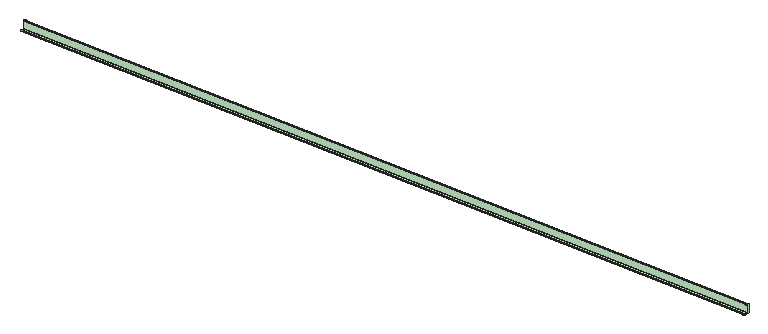
Revit family "aluminumlbar_eal3520", category 機械設備, Revit 2022
Family settings
  丸型コネクタ寸法 = 直径を使用
  種別 = なし
  パーツ タイプ = 標準
  作業面ベース = いいえ
  常に垂直 = はい
  ロード時にボイドで切り取り = いいえ
  注釈の向きを維持 = いいえ
  共有 = いいえ
  部屋計算ポイント = いいえ
Parameters
  製造元 = "株式会社桐井製作所"
  既定の高さ = 0 mm
  URL = "https://www.kirii.co.jp/"
  K_長さ(mm) = 3200 mm
  K_材質 = "アルミ押出形材　A6063S-T5"
  K_品名 = "アルミLバーeAL3520"
  K_名称 = "システム天井見切り"
  K_入数 = "20"
  K_バージョン情報 = "20220915"
Reference planes
  plane 1 "中心(正面/背面)": y = 0
  plane 2: z = 0
  plane 3 "中心(左/右)": x = 0
  plane 4: x = 3200
Forms (mm)
  Extrusion 1, solid
    sketch origin (0, 0, 0) x (0, 0, 1) y (0, -1, 0)
      loop
        line (1.8, 18.8) -> (1.8, 17.477) -> (2.4, 17.999) -> (2.4, 18.8)
        arc (2.4, 18.8) -> (1.2, 20) -> (0, 18.8) r 1.2
        line (0, 18.8) -> (0, 1.2)
        arc (0, 1.2) -> (0.351, 0.351) -> (1.2, 0) r 1.2
        line (1.2, 0) -> (33.8, 0)
        arc (33.8, 0) -> (35, 1.2) -> (33.8, 2.4) r 1.2
        line (33.8, 2.4) -> (32.948, 2.4) -> (32.426, 1.8) -> (33.8, 1.8)
        arc (33.8, 1.8) -> (34.4, 1.2) -> (33.8, 0.6) r 0.6
        line (33.8, 0.6) -> (1.2, 0.6)
        arc (1.2, 0.6) -> (0.776, 0.776) -> (0.6, 1.2) r 0.6
        line (0.6, 1.2) -> (0.6, 18.8)
        arc (0.6, 18.8) -> (1.2, 19.4) -> (1.8, 18.8) r 0.6
    from 0 to 3200
Dimensions and locks
  "K_長さ(mm)": plane 4 to plane 3 "中心(左/右)"
  aligned and locked: level to plane 2
Automatic sketch dimensions
  Extrusion 1 sketch curve to Extrusion 1 sketch curve = 0 mm  (x6)
  Extrusion 1 sketch curve to level = 0 mm
  Extrusion 1 sketch curve to plane 1 "中心(正面/背面)" = 0 mm
  Extrusion 1 sketch curve to Extrusion 1 sketch curve = 0.6 mm  (x3)
  plane 1 "中心(正面/背面)" to Extrusion 1 sketch curve = 1.8 mm
  Extrusion 1 sketch curve to Extrusion 1 sketch curve = 31.226 mm
  Extrusion 1 sketch curve to Extrusion 1 sketch curve = 0.522 mm  (x2)
  Extrusion 1 sketch curve to Extrusion 1 sketch curve = 0.852 mm
  Extrusion 1 sketch curve to Extrusion 1 sketch curve = 16.277 mm
  Extrusion 1 sketch curve to Extrusion 1 sketch curve = 0.801 mm
